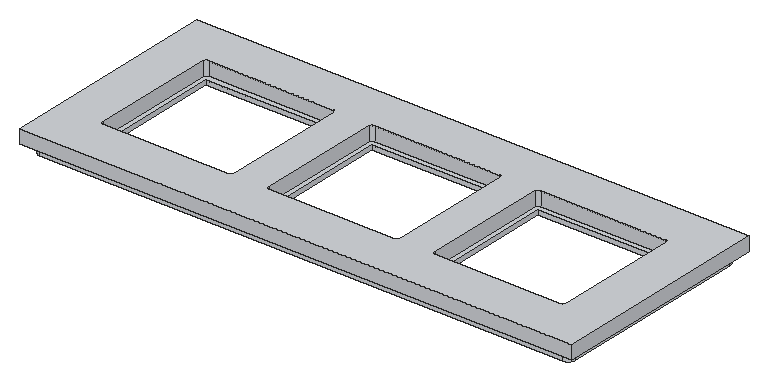
Revit family "Gira_0213220", category Electrical Fixtures, host Face, Revit 2017
Family settings
  Host = Face
  Maintain Annotation Orientation = No
  Round Connector Dimension = Use Diameter
  Part Type = Normal
  Cut with Voids When Loaded = No
  Shared = No
  Room Calculation Point = No
Parameters (values of type "Cov.fr. 3-g Gira Esprit Lin.pwd.light grey")
  With mounting grid = "No"
  With hinged lid = "No"
  URL = "http://katalog.gira.de/en/datenblatt.html?artikelnr=0213220"
  Type of fastening = "Clamp mounting"
  Transparent = "No"
  Surface protection = "Other"
  Suitable for wall duct = "No"
  Suitable for flush-mounted installation = "Yes"
  Suitable for floor box = "No"
  Suitable for built-in installation = "No"
  Number of units vertical = "3"
  Number of units horizontal = "3"
  Number of units = "3"
  Name = "Cov.fr. 3-g Gira Esprit Lin.pwd.light grey"
  Mounting direction = "Horizontal and vertical"
  Material quality = "Other"
  Material = "Other"
  Manufacturer URL = "https://www.gira.de/"
  Manufacturer = "Gira"
  Label space/information surface = "No"
  Keynote = ""
  HeinzeBIM = "https://bimportal.heinze.de/bim/cov-fr-3-g-gira-esprit-lin-pwd-light-grey/cf461ebaf7e7bb6bce5f7cd0a0cc23343ab641eb"
  Halogen free = "No"
  HAN = "0213220"
  GTIN = "4010337015833"
  Description = "Cov.fr.3g Espr. LPwLg,Gira Esprit cover frame,linoleum-plywood light grey,3-gang,Notes :,- Natural product. Colour deviations are possible.,- NCS value: approx. NCS S 2002-Y"
  Degree of protection (IP) = "IP20"
  Default Elevation = 1219.2 mm
  Data sheet (1) = "https://katalog.gira.de/en/download.html?artikelnr=0213220"
  Colour = "Other"
  Category = "Cover frame for domestic switching devices"
  BIM (1) = "https://media.stage.bim.site/public/gira/36a6b08/Espr._Rahmen_3fach.rfa"
  Available = "No"
Reference planes
  plane 1 "Center (Front/Back)": y = 0
  plane 2: z = 0
  plane 3 "Center (Left/Right)": x = 0
Forms (mm)
  Extrusion 1, solid, detail levels fine
    sketch origin (0, 0, 0) x (1, 0, 0) y (0, 1, 0)
      loop
        line (-118.4, 47.5) -> (-118.4, -47.5) -> (118.4, -47.5) -> (118.4, 47.5) -> (-118.4, 47.5)
      loop
        arc (-99.5, -26.7) -> (-99.061, -27.761) -> (-98, -28.2) r 1.5
        line (-98, -28.2) -> (-44.6, -28.2)
        arc (-44.6, -28.2) -> (-43.539, -27.761) -> (-43.1, -26.7) r 1.5
        line (-43.1, -26.7) -> (-43.1, 26.7)
        arc (-43.1, 26.7) -> (-43.539, 27.761) -> (-44.6, 28.2) r 1.5
        line (-44.6, 28.2) -> (-98, 28.2)
        arc (-98, 28.2) -> (-99.061, 27.761) -> (-99.5, 26.7) r 1.5
        line (-99.5, 26.7) -> (-99.5, -26.7)
      loop
        arc (-28.2, -26.7) -> (-27.761, -27.761) -> (-26.7, -28.2) r 1.5
        line (-26.7, -28.2) -> (26.7, -28.2)
        arc (26.7, -28.2) -> (27.761, -27.761) -> (28.2, -26.7) r 1.5
        line (28.2, -26.7) -> (28.2, 26.7)
        arc (28.2, 26.7) -> (27.761, 27.761) -> (26.7, 28.2) r 1.5
        line (26.7, 28.2) -> (-26.7, 28.2)
        arc (-26.7, 28.2) -> (-27.761, 27.761) -> (-28.2, 26.7) r 1.5
        line (-28.2, 26.7) -> (-28.2, -26.7)
      loop
        arc (43.1, -26.7) -> (43.539, -27.761) -> (44.6, -28.2) r 1.5
        line (44.6, -28.2) -> (98, -28.2)
        arc (98, -28.2) -> (99.061, -27.761) -> (99.5, -26.7) r 1.5
        line (99.5, -26.7) -> (99.5, 26.7)
        arc (99.5, 26.7) -> (99.061, 27.761) -> (98, 28.2) r 1.5
        line (98, 28.2) -> (44.6, 28.2)
        arc (44.6, 28.2) -> (43.539, 27.761) -> (43.1, 26.7) r 1.5
        line (43.1, 26.7) -> (43.1, -26.7)
    from 0 to 6
  Extrusion 2, solid, detail levels fine
    sketch origin (0, 0, 0) x (1, 0, 0) y (0, 1, 0)
      loop
        line (-97.2, -25.7) -> (-45.4, -25.7) -> (-45.4, 25.7) -> (-97.2, 25.7) -> (-97.2, -25.7)
      loop
        line (97.2, 25.7) -> (45.4, 25.7) -> (45.4, -25.7) -> (97.2, -25.7) -> (97.2, 25.7)
      loop
        arc (-114.002, -41.3) -> (-113.474, -42.573) -> (-112.202, -43.1) r 1.8
        line (-112.202, -43.1) -> (112.202, -43.1)
        arc (112.202, -43.1) -> (113.474, -42.573) -> (114.002, -41.3) r 1.8
        line (114.002, -41.3) -> (114.002, 41.3)
        arc (114.002, 41.3) -> (113.474, 42.573) -> (112.202, 43.1) r 1.8
        line (112.202, 43.1) -> (-112.202, 43.1)
        arc (-112.202, 43.1) -> (-113.474, 42.573) -> (-114.002, 41.3) r 1.8
        line (-114.002, 41.3) -> (-114.002, -41.3)
      loop
        line (25.9, 25.7) -> (-25.9, 25.7) -> (-25.9, -25.7) -> (25.9, -25.7) -> (25.9, 25.7)
    from -1.9 to 0
  Extrusion 3, solid, detail levels fine
    sketch origin (0, 0, 0) x (1, 0, 0) y (0, 1, 0)
      loop
        arc (-112.3, 44.4) -> (-114.421, 43.521) -> (-115.3, 41.4) r 3
        line (-115.3, 41.4) -> (-115.3, -41.4)
        arc (-115.3, -41.4) -> (-114.421, -43.521) -> (-112.3, -44.4) r 3
        line (-112.3, -44.4) -> (112.3, -44.4)
        arc (112.3, -44.4) -> (114.421, -43.521) -> (115.3, -41.4) r 3
        line (115.3, -41.4) -> (115.3, 41.4)
        arc (115.3, 41.4) -> (114.421, 43.521) -> (112.3, 44.4) r 3
        line (112.3, 44.4) -> (-112.3, 44.4)
      loop
        arc (-114.1, -41.4) -> (-113.573, -42.673) -> (-112.3, -43.2) r 1.8
        line (-112.3, -43.2) -> (112.3, -43.2)
        arc (112.3, -43.2) -> (113.573, -42.673) -> (114.1, -41.4) r 1.8
        line (114.1, -41.4) -> (114.1, 41.4)
        arc (114.1, 41.4) -> (113.573, 42.673) -> (112.3, 43.2) r 1.8
        line (112.3, 43.2) -> (-112.3, 43.2)
        arc (-112.3, 43.2) -> (-113.573, 42.673) -> (-114.1, 41.4) r 1.8
        line (-114.1, 41.4) -> (-114.1, -41.4)
    from -3.7 to 0
  Extrusion 4, solid, detail levels medium
    sketch origin (0, 0, 0) x (1, 0, 0) y (0, 1, 0)
      loop
        line (-118.4, 47.5) -> (-118.4, -47.5) -> (118.4, -47.5) -> (118.4, 47.5) -> (-118.4, 47.5)
    from 0 to 6
  Extrusion 5, solid, detail levels medium
    sketch origin (0, 0, 0) x (1, 0, 0) y (0, 1, 0)
      loop
        line (-115.3, 44.4) -> (-115.3, -44.4) -> (115.3, -44.4) -> (115.3, 44.4) -> (-115.3, 44.4)
    from -3.7 to 0
  Extrusion 6, solid, detail levels coarse
    sketch origin (0, 0, 0) x (1, 0, 0) y (0, 1, 0)
      loop
        line (-118.4, 47.5) -> (-118.4, -47.5) -> (118.4, -47.5) -> (118.4, 47.5) -> (-118.4, 47.5)
    from -3.7 to 6
Dimensions and locks
  aligned and locked: plane 2 to host face
  aligned and locked: level to host face
